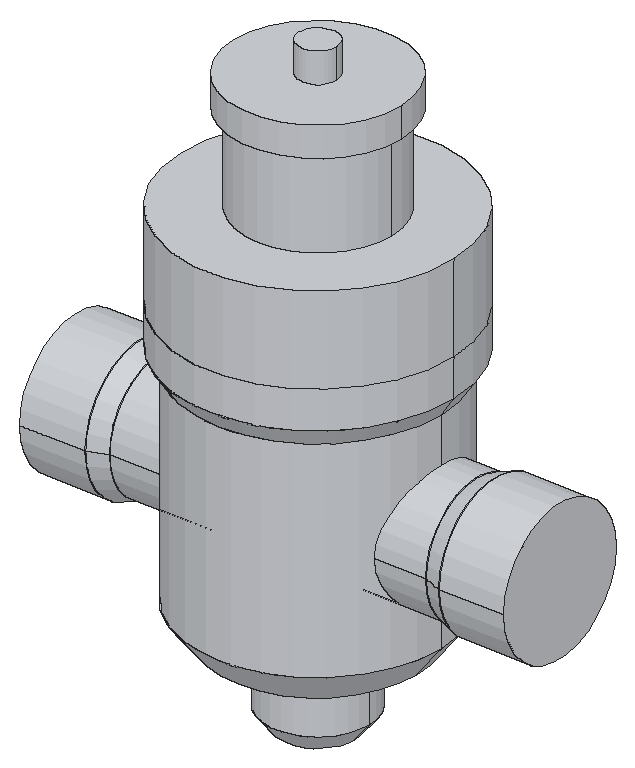
Revit family "VSX13P_DN15_PN16_RFA_2018", category Pipe Accessories, Revit 2018
Family settings
  Round Connector Dimension = Use Diameter
  Part Type = Valve - Breaks Into
  Work Plane-Based = No
  Always vertical = Yes
  Cut with Voids When Loaded = No
  Shared = No
Parameters (values of type "VSX13P G1/2  PN16 kvs1,6")
  magiProductId = ""
  magiProductFamilyId = ""
  magiPartTypeId = 306
  isMeasuringValve [instance] = no
  ang2D [instance] = 0.00°
  Z8 = 4 mm
  Z7__ve = -Z7  # -3.2 mm
  Z7 = 3.2 mm
  Z5 = 9.45 mm
  Z3 = 2 mm
  Z2 = 4.6 mm
  Z1 = 3.45 mm
  X4__ve = -X4  # -7 mm
  X4 = 7 mm
  X3 = 34 mm
  W2D = 15 mm
  VersionID = ""
  Use Minimum Symbol Size [instance] = yes
  URL = "www.hydronix.cz"
  Type Comments = "Závitový, vnější závit, ploché těsnění; LIN charakteristika; PN16; +5~+95°C; max.rychlost proudění 3,0 m/s"
  R9 = 9 mm
  R8 = 2 mm
  R7 = 14.63 mm
  R6 = 10.64 mm
  R5 = 6.703 mm
  R4 = 5.586 mm
  R3 = 3.99 mm
  R2 = 13.3 mm
  R10 = 8 mm
  R1 = 6.75 mm
  QmdConnectorList = "301;D;302;D"
  Productdata [instance] = ""
  Manufacturer = "Hydronix"
  MC Product Code = "VSX13P (G1/2\"; dpmax=250kPa; kvs 1,6)"
  LT2 = 19 mm
  L2D_Min = 3048 mm
  L2D = 38 mm
  H1 = 22.5 mm
  H = 27 mm
  E = 16 mm
  Description = "2 cestný regulační ventil malých spotřebičů, DN15; zdvih 2,5mm; max dp 250kPa; kvs1,6"
  DT2 = 7.5 mm
  D = 15 mm
  CAT0 = yes
  C = 23 mm
Types (8, lengths in mm): name | Z5 | Z2 | Z1 | X3 | R7 | R6 | R5 | R4 | R3 | R2 | R1 | MC Product Code | LT2 | H | Description | DT2 | D | C
  VSX09P G1/2  PN16 kvs0,25 | 9.45 | 4.6 | 3.45 | 34 | 14.63 | 10.64 | 6.703 | 5.586 | 3.99 | 13.3 | 6.75 | "VSX09P (G1/2\"; dpmax=250kPa; kvs 0,25)" | 19 | 27 | "2 cestný regulační ventil malých spotřebičů, DN15; zdvih 2,5mm; max dp 250kPa; kvs0,25" | 7.5 | 15 | 23
  VSX10P G1/2  PN16 kvs0,4 | 9.45 | 4.6 | 3.45 | 34 | 14.63 | 10.64 | 6.703 | 5.586 | 3.99 | 13.3 | 6.75 | "VSX10P (G1/2\"; dpmax=250kPa; kvs 0,4)" | 19 | 27 | "2 cestný regulační ventil malých spotřebičů, DN15; zdvih 2,5mm; max dp 250kPa; kvs0,4" | 7.5 | 15 | 23
  VSX11P G1/2  PN16 kvs0,6 | 9.45 | 4.6 | 3.45 | 34 | 14.63 | 10.64 | 6.703 | 5.586 | 3.99 | 13.3 | 6.75 | "VSX11P (G1/2\"; dpmax=250kPa; kvs 0,6)" | 19 | 27 | "2 cestný regulační ventil malých spotřebičů, DN15; zdvih 2,5mm; max dp 250kPa; kvs0,6" | 7.5 | 15 | 23
  VSX12P G1/2  PN16 kvs1,0 | 9.45 | 4.6 | 3.45 | 34 | 14.63 | 10.64 | 6.703 | 5.586 | 3.99 | 13.3 | 6.75 | "VSX12P (G1/2\"; dpmax=250kPa; kvs 1,0)" | 19 | 27 | "2 cestný regulační ventil malých spotřebičů, DN15; zdvih 2,5mm; max dp 250kPa; kvs1,0" | 7.5 | 15 | 23
  VSX13P G1/2  PN16 kvs1,6 | 9.45 | 4.6 | 3.45 | 34 | 14.63 | 10.64 | 6.703 | 5.586 | 3.99 | 13.3 | 6.75 | "VSX13P (G1/2\"; dpmax=250kPa; kvs 1,6)" | 19 | 27 | "2 cestný regulační ventil malých spotřebičů, DN15; zdvih 2,5mm; max dp 250kPa; kvs1,6" | 7.5 | 15 | 23
  VSX21P G3/4  PN16 kvs2,5 | 9.1 | 4.8 | 3.6 | 38 | 16.17 | 11.76 | 7.409 | 6.174 | 4.41 | 14.7 | 9 | "VSX21P (G3/4\"; dpmax=150kPa; kvs 2,5)" | 21 | 26 | "2 cestný regulační ventil malých spotřebičů, DN20; zdvih 2,5mm; max dp 150kPa; kvs2,5" | 10 | 20 | 24
  VSX24P G3/4  PN16 kvs4,0 | 9.1 | 4.8 | 3.6 | 38 | 16.17 | 11.76 | 7.409 | 6.174 | 4.41 | 14.7 | 9 | "VSX24P (G3/4\"; dpmax=150kPa; kvs 4,0)" | 21 | 26 | "2 cestný regulační ventil malých spotřebičů, DN20; zdvih 2,5mm; max dp 150kPa; kvs4,0" | 10 | 20 | 24
  VSX26P G3/4  PN16 kvs6,0 | 9.1 | 4.8 | 3.6 | 38 | 16.17 | 11.76 | 7.409 | 6.174 | 4.41 | 14.7 | 9 | "VSX26P (G3/4\"; dpmax=150kPa; kvs 6,0)" | 21 | 26 | "2 cestný regulační ventil malých spotřebičů, DN20; zdvih 2,5mm; max dp 150kPa; kvs6,0" | 10 | 20 | 24
Reference planes
  plane 1 "Center (Front/Back)": y = 0
  plane 2 "XYPLANE": z = 0
  plane 3 "Center (Left/Right)": x = 0
  plane 4 "271": z = 36.6
  plane 5 "254": z = 11.55
  plane 6 "253": z = 17.55
  plane 7 "148": z = 39.8
  plane 8 "132": z = 43
  plane 9 "62": z = 13.55
  plane 10 "53": z = 27
  plane 11 "52": z = -10.95
  plane 12 "48": z = -14.4
  plane 13 "47": z = -16.4
  plane 14 "38": z = -21
  plane 15 "37": x = 17
  plane 16 "36": x = 19
  plane 17 "23": z = -23
  plane 18 "19": x = -17
  plane 19 "15": x = -19
  plane 20 "6": x = 26
  plane 21 "5": x = -26
  plane 22 "3": z = 0
  plane 23 "2": y = 0
  plane 24 "1": x = 0
Forms (mm)
  Extrusion 1, solid, visible <- "CAT0"
    sketch origin (-750, 0, 43) x (1, 0, 0) y (0, 1, 0)
      loop
        circle (750, 0) r 2
    from 0 to -3.2 <- "Z7__ve"
  Extrusion 2, solid, visible <- "CAT0"
    sketch origin (-750, 0, 36.6) x (1, 0, 0) y (0, 1, 0)
      loop
        circle (750, 0) r 8
    from 0 to -19
  Extrusion 3, solid, visible <- "CAT0"
    sketch origin (-17, -750, 0) x (0, 1, 0) y (0, 0, 1)
      loop
        circle (750, 0) r 6.75
    from 0 to 34 <- "X3"
  Extrusion 4, solid
    sketch origin (-750, 0, 13.55) x (1, 0, 0) y (0, 1, 0)
      loop
        circle (750, 0) r 14.63
    from 0 to 4 <- "Z8"
  Extrusion 5, solid
    sketch origin (-750, 0, 39.8) x (1, 0, 0) y (0, 1, 0)
      loop
        circle (750, 0) r 9
    from 0 to -3.2 <- "Z7__ve"
  Extrusion 6, solid
    sketch origin (-750, 0, 17.55) x (1, 0, 0) y (0, 1, 0)
      loop
        circle (750, 0) r 14.63
    from 0 to 9.45 <- "Z5"
  Blend 7, solid
    base sketch origin (-750, 0, 11.55) x (1, 0, 0) y (0, 1, 0)
      loop
        circle (750, 0) r 13.3
    top sketch origin (-750, 0, 11.55) x (1, 0, 0) y (0, 1, 0)
      loop
        circle (750, 0) r 14.63
    from 0 to 2
  Blend 8, solid
    base sketch origin (-750, 0, -10.95) x (1, 0, 0) y (0, 1, 0)
      loop
        circle (750, 0) r 13.3
    top sketch origin (-750, 0, -10.95) x (1, 0, 0) y (0, 1, 0)
      loop
        circle (750, 0) r 10.64
    from 0 to -3.45
  Blend 9, solid
    base sketch origin (-750, 0, -14.4) x (1, 0, 0) y (0, 1, 0)
      loop
        circle (750, 0) r 6.703
    top sketch origin (-750, 0, -14.4) x (1, 0, 0) y (0, 1, 0)
      loop
        circle (750, 0) r 5.586
    from 0 to -2
  Extrusion 10, solid
    sketch origin (-750, 0, -21) x (1, 0, 0) y (0, 1, 0)
      loop
        circle (750, 0) r 5.586
    from 0 to 4.6 <- "Z2"
  Blend 11, solid
    base sketch origin (-750, 0, -23) x (1, 0, 0) y (0, 1, 0)
      loop
        circle (750, 0) r 3.99
    top sketch origin (-750, 0, -23) x (1, 0, 0) y (0, 1, 0)
      loop
        circle (750, 0) r 5.586
    from 0 to 2
  Extrusion 12, solid
    sketch origin (26, -750, 0) x (0, 1, 0) y (0, 0, 1)
      loop
        circle (750, 0) r 7.5
    from 0 to -7 <- "X4__ve"
  Blend 13, solid
    base sketch origin (19, -750, 0) x (0, 1, 0) y (0, 0, 1)
      loop
        circle (750, 0) r 7.5
    top sketch origin (19, -750, 0) x (0, 1, 0) y (0, 0, 1)
      loop
        circle (750, 0) r 6.75
    from 0 to -2
  Extrusion 14, solid
    sketch origin (-750, 0, -10.95) x (1, 0, 0) y (0, 1, 0)
      loop
        circle (750, 0) r 13.3
    from 0 to 22.5 <- "H1"
  Blend 15, solid
    base sketch origin (-19, -750, 0) x (0, 1, 0) y (0, 0, 1)
      loop
        circle (750, 0) r 7.5
    top sketch origin (-19, -750, 0) x (0, 1, 0) y (0, 0, 1)
      loop
        circle (750, 0) r 6.75
    from 0 to 2
  Extrusion 16, solid
    sketch origin (-26, -750, 0) x (0, 1, 0) y (0, 0, 1)
      loop
        circle (750, 0) r 7.5
    from 0 to 7 <- "X4"
  Extrusion 17, solid, not visible
    sketch origin (19, -750, 0) x (0, 1, 0) y (0, 0, 1)
      loop
        circle (750, 0) r 10
    from 0 to -10
  Extrusion 18, solid, not visible
    sketch origin (-19, -750, 0) x (0, 1, 0) y (0, 0, 1)
      loop
        circle (750, 0) r 10
    from 0 to 10
Lines and regions (mm)
  reference lines, not visible
    curve 1: circle (2, 2, 0) r 1 normal (0, 0, 1)
Dimensions and locks
  plane 1 "Center (Front/Back)" to curve 1 = 2 mm
  "Z7": plane 7 "148" to plane 4 "271"
  "Z3": plane 9 "62" to plane 5 "254"
  "Z5": plane 10 "53" to plane 6 "253"
  "Z7": plane 8 "132" to plane 7 "148"
  "E": plane 10 "53" to plane 8 "132"
  "Z8": plane 6 "253" to plane 9 "62"
  "H": plane 2 "XYPLANE" to plane 10 "53"
  "Z1": plane 12 "48" to plane 11 "52"
  "Z3": plane 13 "47" to plane 12 "48"
  "Z2": plane 14 "38" to plane 13 "47"
  "Z3": plane 17 "23" to plane 14 "38"
  locked: plane 16 "36" to plane 15 "37" at 2
  "LT2": plane 3 "Center (Left/Right)" to plane 16 "36"
  "C": plane 2 "XYPLANE" to plane 17 "23"
  locked: plane 19 "15" to plane 18 "19" at 2
  "LT2": plane 3 "Center (Left/Right)" to plane 19 "15"
  "X4": plane 16 "36" to plane 20 "6"
  "X4": plane 19 "15" to plane 21 "5"
  locked: plane 2 "XYPLANE" to plane 22 "3"
  locked: plane 1 "Center (Front/Back)" to plane 23 "2"
  locked: plane 3 "Center (Left/Right)" to plane 24 "1"
  "R8": radius of Extrusion 1 sketch curve
  "R10": radius of Extrusion 2 sketch curve
  "R1": radius of Extrusion 3 sketch curve
  "R7": radius of Extrusion 4 sketch curve
  "R9": radius of Extrusion 5 sketch curve
  "R7": radius of Extrusion 6 sketch curve
  "R7": radius of Blend 7 sketch curve
  "R2": radius of Blend 7 sketch curve
  "R6": radius of Blend 8 sketch curve
  "R2": radius of Blend 8 sketch curve
  "R4": radius of Blend 9 sketch curve
  "R5": radius of Blend 9 sketch curve
  "R4": radius of Extrusion 10 sketch curve
  "R4": radius of Blend 11 sketch curve
  "R3": radius of Blend 11 sketch curve
  "DT2": radius of Extrusion 12 sketch curve
  "R1": radius of Blend 13 sketch curve
  "DT2": radius of Blend 13 sketch curve
  "R2": radius of Extrusion 14 sketch curve
  "R1": radius of Blend 15 sketch curve
  "DT2": radius of Blend 15 sketch curve
  "DT2": radius of Extrusion 16 sketch curve
  aligned and locked: level to plane 2 "XYPLANE"
  aligned and locked: plane 23 "2" to Extrusion 1 sketch curve
  aligned and locked: plane 24 "1" to Extrusion 1 sketch curve
  aligned and locked: plane 23 "2" to Extrusion 2 sketch curve
  aligned and locked: plane 24 "1" to Extrusion 2 sketch curve
  aligned and locked: plane 22 "3" to Extrusion 3 sketch curve
  aligned and locked: Extrusion 3 sketch curve to plane 23 "2"
  aligned and locked: plane 23 "2" to Extrusion 4 sketch curve
  aligned and locked: plane 24 "1" to Extrusion 4 sketch curve
  aligned and locked: plane 23 "2" to Extrusion 5 sketch curve
  aligned and locked: plane 24 "1" to Extrusion 5 sketch curve
  aligned and locked: plane 23 "2" to Extrusion 6 sketch curve
  aligned and locked: plane 24 "1" to Extrusion 6 sketch curve
  aligned and locked: plane 23 "2" to Blend 7 sketch curve  (x2)
  aligned and locked: plane 24 "1" to Blend 7 sketch curve  (x2)
  aligned and locked: plane 9 "62" to Blend 7
  aligned and locked: plane 23 "2" to Blend 8 sketch curve  (x2)
  aligned and locked: plane 24 "1" to Blend 8 sketch curve  (x2)
  aligned and locked: Blend 8 to plane 12 "48"
  aligned and locked: plane 23 "2" to Blend 9 sketch curve  (x2)
  aligned and locked: plane 24 "1" to Blend 9 sketch curve  (x2)
  aligned and locked: Blend 9 to plane 13 "47"
  aligned and locked: plane 23 "2" to Extrusion 10 sketch curve
  aligned and locked: plane 24 "1" to Extrusion 10 sketch curve
  aligned and locked: plane 23 "2" to Blend 11 sketch curve  (x2)
  aligned and locked: plane 24 "1" to Blend 11 sketch curve  (x2)
  aligned and locked: plane 14 "38" to Blend 11
  aligned and locked: plane 22 "3" to Extrusion 12 sketch curve
  aligned and locked: Extrusion 12 sketch curve to plane 23 "2"
  aligned and locked: plane 22 "3" to Blend 13 sketch curve  (x2)
  aligned and locked: Blend 13 sketch curve to plane 23 "2"  (x2)
  aligned and locked: Blend 13 to plane 15 "37"
  aligned and locked: plane 23 "2" to Extrusion 14 sketch curve
  aligned and locked: plane 24 "1" to Extrusion 14 sketch curve
  aligned and locked: plane 22 "3" to Blend 15 sketch curve  (x2)
  aligned and locked: Blend 15 sketch curve to plane 23 "2"  (x2)
  aligned and locked: plane 18 "19" to Blend 15
  aligned and locked: plane 22 "3" to Extrusion 16 sketch curve
  aligned and locked: Extrusion 16 sketch curve to plane 23 "2"
  aligned and locked: plane 22 "3" to Extrusion 17 sketch curve
  aligned and locked: Extrusion 17 sketch curve to plane 23 "2"
  aligned and locked: plane 22 "3" to Extrusion 18 sketch curve
  aligned and locked: Extrusion 18 sketch curve to plane 23 "2"
Automatic sketch dimensions
  plane 1 "Center (Front/Back)" to Extrusion 17 sketch curve = 10 mm
  plane 1 "Center (Front/Back)" to Extrusion 18 sketch curve = 10 mm
  plane 3 "Center (Left/Right)" to curve 1 = 2 mm
  radius of curve 1 = 1 mm
Connectors
  piping at (-19, 0, 0), diameter 15, driven by "D"
    settings: on Extrusion 18, index 1, connector inside diameter 609.6 mm, connector length 0 mm, flow factor 0, pipe flow 0.0 L/s, pressure drop 0.0 Pa, fitting loss kfactor 0, connector angle 0.00°, fixture units 0, engagement length 0 mm, angle of deflection 0.00°, flow configuration 0, flow direction 0, fitting loss method 0, system type 29, joint type 0, gender type 0, connector reference index 2, connector utility 0, adjustable connector no, is connector primary yes, connector description ""
  piping at (19, 0, 0), diameter 15, driven by "D"
    settings: on Extrusion 17, index 2, connector inside diameter 609.6 mm, connector length 0 mm, flow factor 0, pipe flow 0.0 L/s, pressure drop 0.0 Pa, fitting loss kfactor 0, connector angle 0.00°, fixture units 0, engagement length 0 mm, angle of deflection 0.00°, flow configuration 0, flow direction 0, fitting loss method 0, system type 29, joint type 0, gender type 0, connector reference index 1, connector utility 0, adjustable connector no, is connector primary no, connector description ""
